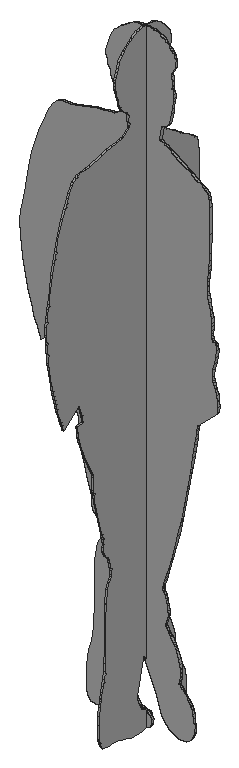
Revit family
Parameters
  built-in parameter 1005198 = (empty or 0)
  built-in parameter 1005195 = "d:\\byoh\\M25_HOL1_Santa.rpc"
Reference planes
  plane 1 "Center (Front/Back)": y = 0
  plane 2: z = 0
  plane 3 "Center (Left/Right)": x = 0
Forms (mm)
  Extrusion 1, solid, material "Sombra escala"
    sketch origin (0, 0, 0) x (1, 0, 0) y (0, 0, 1)
      loop
        line (-298.678, 887.389) -> (-243.936, 927.725) -> (-242.015, 923.884) -> (-240.095, 917.161) -> (-236.253, 909.478) -> (-230.491, 892.191) -> (-228.57, 884.508) -> (-227.61, 876.825) -> (-248.738, 873.944) -> (-248.738, 872.984) -> (-247.778, 869.142) -> (-246.817, 863.38) -> (-245.857, 854.737) -> (-243.936, 845.133) -> (-241.055, 834.569) -> (-232.412, 808.638) -> (-227.61, 796.154) -> (-222.808, 786.55) -> (-214.164, 770.223) -> (-205.521, 752.936) -> (-200.719, 742.372) -> (-193.996, 729.887) -> (-191.115, 723.165) -> (-190.155, 717.402) -> (-190.155, 682.829) -> (-188.234, 669.384) -> (-185.353, 652.097) -> (-164.225, 571.425) -> (-159.423, 554.138) -> (-155.581, 540.693) -> (-153.661, 534.931) -> (-152.7, 531.089) -> (-151.74, 529.168) -> (-151.74, 528.208) -> (-152.7, 525.327) -> (-153.661, 519.565) -> (-153.661, 510.921) -> (-151.74, 501.317) -> (-147.898, 494.595) -> (-138.294, 486.912) -> (-135.413, 483.07) -> (-132.532, 478.268) -> (-126.77, 449.457) -> (-124.849, 438.893) -> (-124.849, 434.091) -> (-126.77, 432.17) -> (-130.611, 427.368) -> (-135.413, 418.725) -> (-139.255, 404.319) -> (-145.017, 368.785) -> (-145.977, 332.291) -> (-145.977, 244.896) -> (-146.938, 218.966) -> (-148.859, 196.878) -> (-151.74, 177.67) -> (-154.621, 161.344) -> (-157.502, 148.859) -> (-160.383, 140.215) -> (-161.344, 134.453) -> (-162.304, 132.532) -> (-162.304, 130.611) -> (-163.264, 126.77) -> (-164.225, 120.047) -> (-165.185, 111.404) -> (-168.066, 90.276) -> (-169.027, 65.306) -> (-169.027, 27.851) -> (-166.145, 16.326) -> (-160.383, 6.723) -> (-156.542, 2.881) -> (-151.74, 0.96) -> (-141.176, 0) -> (-133.493, 0) -> (-123.889, 0.96) -> (-112.364, 0.96) -> (-96.998, 0) -> (-85.474, -5.762) -> (-74.909, -9.604) -> (-53.781, -14.406) -> (-34.574, -16.326) -> (-17.287, -14.406) -> (-2.881, -11.525) -> (7.683, -7.683) -> (14.406, -4.802) -> (16.326, -3.842) -> (17.287, -0.96) -> (19.208, 4.802) -> (20.168, 14.406) -> (16.326, 23.049) -> (8.643, 29.772) -> (0.96, 35.534) -> (-8.643, 38.415) -> (-17.287, 42.257) -> (-25.93, 55.702) -> (-31.692, 69.147) -> (-35.534, 79.711) -> (-36.494, 83.553) -> (-36.494, 84.513) -> (-8.643, 185.353) -> (30.732, 90.276) -> (48.019, 35.534) -> (48.019, 34.574) -> (49.94, 32.653) -> (54.742, 26.891) -> (61.464, 17.287) -> (71.068, 7.683) -> (83.553, 0) -> (96.998, -5.762) -> (103.721, -6.723) -> (111.404, -6.723) -> (119.087, -5.762) -> (127.73, -1.921) -> (134.453, 3.842) -> (139.255, 12.485) -> (142.136, 23.049) -> (142.136, 34.574) -> (140.215, 58.583) -> (138.294, 70.108) -> (136.374, 78.751) -> (132.532, 87.394) -> (127.73, 96.038) -> (114.285, 114.285) -> (108.523, 122.928) -> (102.76, 129.651) -> (98.919, 133.493) -> (97.959, 135.413) -> (97.959, 136.374) -> (99.879, 140.215) -> (100.84, 145.977) -> (101.8, 153.661) -> (102.76, 163.264) -> (102.76, 173.828) -> (100.84, 185.353) -> (97.959, 197.838) -> (87.394, 224.728) -> (74.909, 248.738) -> (68.187, 258.342) -> (63.385, 266.985) -> (59.543, 271.787) -> (58.583, 273.708) -> (67.226, 300.598) -> (67.226, 304.44) -> (66.266, 313.083) -> (65.306, 324.608) -> (62.425, 337.093) -> (58.583, 348.617) -> (54.742, 357.261) -> (50.9, 363.983) -> (49.94, 365.904) -> (49.94, 366.864) -> (50.9, 369.746) -> (52.821, 373.587) -> (54.742, 380.31) -> (57.623, 387.993) -> (60.504, 397.597) -> (63.385, 408.161) -> (67.226, 419.685) -> (75.87, 448.497) -> (85.474, 481.149) -> (95.077, 518.604) -> (104.681, 559.9) -> (122.928, 649.216) -> (130.611, 693.393) -> (138.294, 733.729) -> (141.176, 751.976) -> (144.057, 769.263) -> (146.938, 784.629) -> (148.859, 797.114) -> (150.779, 807.678) -> (151.74, 815.361) -> (152.7, 820.163) -> (152.7, 822.084) -> (209.362, 872.023) -> (209.362, 876.825) -> (210.323, 888.35) -> (209.362, 903.716) -> (207.442, 919.082) -> (203.6, 931.567) -> (195.917, 952.695) -> (194.957, 963.259) -> (196.878, 982.467) -> (201.679, 999.754) -> (205.521, 1017.04) -> (207.442, 1036.248) -> (206.481, 1044.891) -> (205.521, 1049.693) -> (203.6, 1051.614) -> (201.679, 1052.574) -> (196.878, 1054.495) -> (194.957, 1056.416) -> (193.036, 1062.178) -> (192.076, 1067.941) -> (192.076, 1072.742) -> (193.036, 1081.386) -> (193.996, 1092.91) -> (193.996, 1101.554) -> (193.036, 1112.118) -> (191.115, 1123.642) -> (189.195, 1133.246) -> (185.353, 1150.533) -> (181.511, 1168.78) -> (180.551, 1179.344) -> (180.551, 1191.829) -> (180.551, 1203.354) -> (181.511, 1212.958) -> (183.432, 1226.403) -> (184.393, 1234.086) -> (185.353, 1244.65) -> (186.313, 1259.056) -> (186.313, 1278.263) -> (187.274, 1327.243) -> (187.274, 1397.35) -> (186.313, 1414.637) -> (185.353, 1422.32) -> (183.432, 1428.082) -> (182.472, 1431.924) -> (180.551, 1434.805) -> (175.749, 1438.647) -> (169.027, 1443.448) -> (160.383, 1449.211) -> (150.779, 1455.933) -> (127.73, 1470.339) -> (103.721, 1485.705) -> (80.672, 1500.111) -> (70.108, 1506.833) -> (60.504, 1512.596) -> (52.821, 1517.398) -> (46.098, 1521.239) -> (43.286, 1522.645) -> (48.979, 1559.654) -> (49.94, 1559.654) -> (51.86, 1560.615) -> (58.583, 1563.496) -> (66.266, 1568.298) -> (71.068, 1573.099) -> (77.791, 1601.911) -> (79.711, 1617.277) -> (82.593, 1634.564) -> (83.553, 1643.207) -> (83.553, 1654.732) -> (81.632, 1659.533) -> (78.751, 1664.335) -> (77.791, 1666.256) -> (77.791, 1668.177) -> (78.751, 1672.979) -> (79.711, 1686.424) -> (77.791, 1698.909) -> (76.83, 1702.751) -> (76.83, 1704.671) -> (87.394, 1722.918) -> (87.394, 1739.245) -> (84.513, 1753.651) -> (81.632, 1759.413) -> (77.791, 1764.215) -> (64.345, 1777.66) -> (51.86, 1789.185) -> (36.494, 1798.788) -> (25.93, 1801.669) -> (13.445, 1803.59) -> (0, 1804.551) -> (-11.525, 1804.551) -> (-22.089, 1802.63) -> (-31.692, 1800.709) -> (-49.94, 1791.105) -> (-59.543, 1785.343) -> (-70.108, 1777.66) -> (-79.711, 1769.977) -> (-86.434, 1763.254) -> (-96.038, 1749.809) -> (-101.8, 1735.403) -> (-104.681, 1726.76) -> (-107.562, 1717.156) -> (-110.443, 1708.513) -> (-112.364, 1701.79) -> (-112.364, 1693.147) -> (-110.443, 1686.424) -> (-108.523, 1677.781) -> (-106.602, 1666.256) -> (-102.76, 1657.613) -> (-99.879, 1652.811) -> (-98.919, 1650.89) -> (-98.919, 1641.286) -> (-96.998, 1635.524) -> (-89.315, 1624.96) -> (-81.632, 1616.316) -> (-76.83, 1613.435) -> (-72.989, 1612.475) -> (-69.147, 1612.475) -> (-61.464, 1568.298) -> (-59.543, 1564.456) -> (-84.513, 1548.13) -> (-87.394, 1548.13) -> (-95.077, 1547.169) -> (-106.602, 1545.248) -> (-121.968, 1543.328) -> (-140.215, 1540.447) -> (-159.423, 1536.605) -> (-202.64, 1527.001) -> (-216.085, 1525.081) -> (-236.253, 1525.081) -> (-244.896, 1523.16) -> (-253.54, 1519.318) -> (-262.183, 1511.635) -> (-266.985, 1505.873) -> (-271.787, 1498.19) -> (-276.589, 1489.547) -> (-282.351, 1478.022) -> (-292.915, 1454.973) -> (-302.519, 1432.884) -> (-318.846, 1386.786) -> (-325.568, 1361.816) -> (-331.33, 1333.965) -> (-338.053, 1303.233) -> (-344.776, 1267.699) -> (-347.657, 1250.412) -> (-350.538, 1236.007) -> (-353.419, 1222.561) -> (-355.34, 1211.997) -> (-357.261, 1202.393) -> (-358.221, 1193.75) -> (-360.142, 1180.305) -> (-360.142, 1159.176) -> (-359.181, 1147.652) -> (-358.221, 1133.246) -> (-352.459, 1084.267) -> (-344.776, 1038.169) -> (-335.172, 996.873) -> (-324.608, 960.378) -> (-319.806, 944.052) -> (-315.004, 929.646) -> (-310.202, 917.161) -> (-306.361, 906.597) -> (-303.48, 898.914) -> (-300.598, 892.191) -> (-299.638, 888.35) -> (-298.678, 887.389)
    from -2.5 to 2.5
  Extrusion 2, solid, material "Sombra escala"
    sketch origin (0, 0, 0) x (0, 1, 0) y (0, 0, 1)
      loop
        line (-298.751, 887.389) -> (-244.01, 927.725) -> (-242.089, 923.884) -> (-240.168, 917.161) -> (-236.327, 909.478) -> (-230.564, 892.191) -> (-228.644, 884.508) -> (-227.683, 876.825) -> (-248.812, 873.944) -> (-248.812, 872.984) -> (-247.851, 869.142) -> (-246.891, 863.38) -> (-245.93, 854.737) -> (-244.01, 845.133) -> (-241.129, 834.569) -> (-232.485, 808.638) -> (-227.683, 796.154) -> (-222.881, 786.55) -> (-214.238, 770.223) -> (-205.595, 752.936) -> (-200.793, 742.372) -> (-194.07, 729.887) -> (-191.189, 723.165) -> (-190.228, 717.402) -> (-190.228, 682.829) -> (-188.308, 669.384) -> (-185.427, 652.097) -> (-164.298, 571.425) -> (-159.496, 554.138) -> (-155.655, 540.693) -> (-153.734, 534.931) -> (-152.774, 531.089) -> (-151.813, 529.168) -> (-151.813, 528.208) -> (-152.774, 525.327) -> (-153.734, 519.565) -> (-153.734, 510.921) -> (-151.813, 501.317) -> (-147.972, 494.595) -> (-138.368, 486.912) -> (-135.487, 483.07) -> (-132.606, 478.268) -> (-126.844, 449.457) -> (-124.923, 438.893) -> (-124.923, 434.091) -> (-126.844, 432.17) -> (-130.685, 427.368) -> (-135.487, 418.725) -> (-139.328, 404.319) -> (-145.091, 368.785) -> (-146.051, 332.291) -> (-146.051, 244.896) -> (-147.011, 218.966) -> (-148.932, 196.878) -> (-151.813, 177.67) -> (-154.694, 161.344) -> (-157.576, 148.859) -> (-160.457, 140.215) -> (-161.417, 134.453) -> (-162.378, 132.532) -> (-162.378, 130.611) -> (-163.338, 126.77) -> (-164.298, 120.047) -> (-165.259, 111.404) -> (-168.14, 90.276) -> (-169.1, 65.306) -> (-169.1, 27.851) -> (-166.219, 16.326) -> (-160.457, 6.723) -> (-156.615, 2.881) -> (-151.813, 0.96) -> (-141.249, 0) -> (-133.566, 0) -> (-123.962, 0.96) -> (-112.438, 0.96) -> (-97.072, 0) -> (-85.547, -5.762) -> (-74.983, -9.604) -> (-53.855, -14.406) -> (-34.647, -16.326) -> (-17.36, -14.406) -> (-2.955, -11.525) -> (7.609, -7.683) -> (14.332, -4.802) -> (16.253, -3.842) -> (17.213, -0.96) -> (19.134, 4.802) -> (20.094, 14.406) -> (16.253, 23.049) -> (8.57, 29.772) -> (0.887, 35.534) -> (-8.717, 38.415) -> (-17.36, 42.257) -> (-26.004, 55.702) -> (-31.766, 69.147) -> (-35.608, 79.711) -> (-36.568, 83.553) -> (-36.568, 84.513) -> (-8.717, 185.353) -> (30.658, 90.276) -> (47.945, 35.534) -> (47.945, 34.574) -> (49.866, 32.653) -> (54.668, 26.891) -> (61.391, 17.287) -> (70.994, 7.683) -> (83.479, 0) -> (96.925, -5.762) -> (103.647, -6.723) -> (111.33, -6.723) -> (119.013, -5.762) -> (127.657, -1.921) -> (134.379, 3.842) -> (139.181, 12.485) -> (142.062, 23.049) -> (142.062, 34.574) -> (140.142, 58.583) -> (138.221, 70.108) -> (136.3, 78.751) -> (132.459, 87.394) -> (127.657, 96.038) -> (114.211, 114.285) -> (108.449, 122.928) -> (102.687, 129.651) -> (98.845, 133.493) -> (97.885, 135.413) -> (97.885, 136.374) -> (99.806, 140.215) -> (100.766, 145.977) -> (101.726, 153.661) -> (102.687, 163.264) -> (102.687, 173.828) -> (100.766, 185.353) -> (97.885, 197.838) -> (87.321, 224.728) -> (74.836, 248.738) -> (68.113, 258.342) -> (63.311, 266.985) -> (59.47, 271.787) -> (58.509, 273.708) -> (67.153, 300.598) -> (67.153, 304.44) -> (66.192, 313.083) -> (65.232, 324.608) -> (62.351, 337.093) -> (58.509, 348.617) -> (54.668, 357.261) -> (50.826, 363.983) -> (49.866, 365.904) -> (49.866, 366.864) -> (50.826, 369.746) -> (52.747, 373.587) -> (54.668, 380.31) -> (57.549, 387.993) -> (60.43, 397.597) -> (63.311, 408.161) -> (67.153, 419.685) -> (75.796, 448.497) -> (85.4, 481.149) -> (95.004, 518.604) -> (104.608, 559.9) -> (122.855, 649.216) -> (130.538, 693.393) -> (138.221, 733.729) -> (141.102, 751.976) -> (143.983, 769.263) -> (146.864, 784.629) -> (148.785, 797.114) -> (150.706, 807.678) -> (151.666, 815.361) -> (152.627, 820.163) -> (152.627, 822.084) -> (209.289, 872.023) -> (209.289, 876.825) -> (210.249, 888.35) -> (209.289, 903.716) -> (207.368, 919.082) -> (203.527, 931.567) -> (195.844, 952.695) -> (194.883, 963.259) -> (196.804, 982.467) -> (201.606, 999.754) -> (205.447, 1017.04) -> (207.368, 1036.248) -> (206.408, 1044.891) -> (205.447, 1049.693) -> (203.527, 1051.614) -> (201.606, 1052.574) -> (196.804, 1054.495) -> (194.883, 1056.416) -> (192.962, 1062.178) -> (192.002, 1067.941) -> (192.002, 1072.742) -> (192.962, 1081.386) -> (193.923, 1092.91) -> (193.923, 1101.554) -> (192.962, 1112.118) -> (191.042, 1123.642) -> (189.121, 1133.246) -> (185.279, 1150.533) -> (181.438, 1168.78) -> (180.477, 1179.344) -> (180.477, 1191.829) -> (180.477, 1203.354) -> (181.438, 1212.958) -> (183.359, 1226.403) -> (184.319, 1234.086) -> (185.279, 1244.65) -> (186.24, 1259.056) -> (186.24, 1278.263) -> (187.2, 1327.243) -> (187.2, 1397.35) -> (186.24, 1414.637) -> (185.279, 1422.32) -> (183.359, 1428.082) -> (182.398, 1431.924) -> (180.477, 1434.805) -> (175.676, 1438.647) -> (168.953, 1443.448) -> (160.31, 1449.211) -> (150.706, 1455.933) -> (127.657, 1470.339) -> (103.647, 1485.705) -> (80.598, 1500.111) -> (70.034, 1506.833) -> (60.43, 1512.596) -> (52.747, 1517.398) -> (46.025, 1521.239) -> (43.212, 1522.645) -> (48.906, 1559.654) -> (49.866, 1559.654) -> (51.787, 1560.615) -> (58.509, 1563.496) -> (66.192, 1568.298) -> (70.994, 1573.099) -> (77.717, 1601.911) -> (79.638, 1617.277) -> (82.519, 1634.564) -> (83.479, 1643.207) -> (83.479, 1654.732) -> (81.559, 1659.533) -> (78.677, 1664.335) -> (77.717, 1666.256) -> (77.717, 1668.177) -> (78.677, 1672.979) -> (79.638, 1686.424) -> (77.717, 1698.909) -> (76.757, 1702.751) -> (76.757, 1704.671) -> (87.321, 1722.918) -> (87.321, 1739.245) -> (84.44, 1753.651) -> (81.559, 1759.413) -> (77.717, 1764.215) -> (64.272, 1777.66) -> (51.787, 1789.185) -> (36.421, 1798.788) -> (25.857, 1801.669) -> (13.372, 1803.59) -> (-0.074, 1804.551) -> (-11.598, 1804.551) -> (-22.162, 1802.63) -> (-31.766, 1800.709) -> (-50.013, 1791.105) -> (-59.617, 1785.343) -> (-70.181, 1777.66) -> (-79.785, 1769.977) -> (-86.508, 1763.254) -> (-96.111, 1749.809) -> (-101.874, 1735.403) -> (-104.755, 1726.76) -> (-107.636, 1717.156) -> (-110.517, 1708.513) -> (-112.438, 1701.79) -> (-112.438, 1693.147) -> (-110.517, 1686.424) -> (-108.596, 1677.781) -> (-106.676, 1666.256) -> (-102.834, 1657.613) -> (-99.953, 1652.811) -> (-98.993, 1650.89) -> (-98.993, 1641.286) -> (-97.072, 1635.524) -> (-89.389, 1624.96) -> (-81.706, 1616.316) -> (-76.904, 1613.435) -> (-73.062, 1612.475) -> (-69.221, 1612.475) -> (-61.538, 1568.298) -> (-59.617, 1564.456) -> (-84.587, 1548.13) -> (-87.468, 1548.13) -> (-95.151, 1547.169) -> (-106.676, 1545.248) -> (-122.042, 1543.328) -> (-140.289, 1540.447) -> (-159.496, 1536.605) -> (-202.713, 1527.001) -> (-216.159, 1525.081) -> (-236.327, 1525.081) -> (-244.97, 1523.16) -> (-253.613, 1519.318) -> (-262.257, 1511.635) -> (-267.059, 1505.873) -> (-271.861, 1498.19) -> (-276.663, 1489.547) -> (-282.425, 1478.022) -> (-292.989, 1454.973) -> (-302.593, 1432.884) -> (-318.919, 1386.786) -> (-325.642, 1361.816) -> (-331.404, 1333.965) -> (-338.127, 1303.233) -> (-344.849, 1267.699) -> (-347.731, 1250.412) -> (-350.612, 1236.007) -> (-353.493, 1222.561) -> (-355.414, 1211.997) -> (-357.334, 1202.393) -> (-358.295, 1193.75) -> (-360.215, 1180.305) -> (-360.215, 1159.176) -> (-359.255, 1147.652) -> (-358.295, 1133.246) -> (-352.532, 1084.267) -> (-344.849, 1038.169) -> (-335.246, 996.873) -> (-324.681, 960.378) -> (-319.88, 944.052) -> (-315.078, 929.646) -> (-310.276, 917.161) -> (-306.434, 906.597) -> (-303.553, 898.914) -> (-300.672, 892.191) -> (-299.712, 888.35) -> (-298.751, 887.389)
    from -2.5 to 2.5
